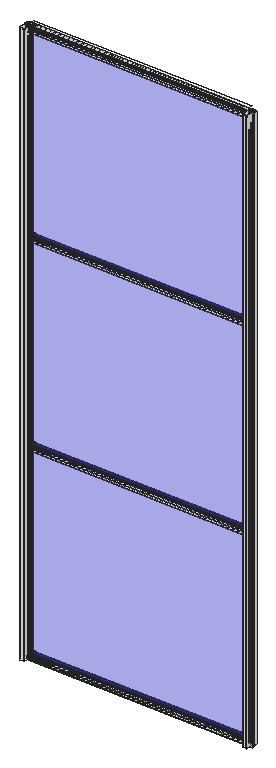
Revit family "Facade_60_Curtain_Wall_E13_Standard", category Windows, host Wall, Revit 2014 (continued)
Definition of nested family "F60 Vertical Profile Side_E13_Std"
  Automatic sketch dimensions
    Extrusion 9 sketch curve to Extrusion 9 sketch curve = 1.646 mm
    Extrusion 9 sketch curve to Extrusion 9 sketch curve = 0.707 mm
    Extrusion 9 sketch curve to Extrusion 9 sketch curve = 1.393 mm
    Extrusion 9 sketch curve to Extrusion 9 sketch curve = 1.923 mm
    Extrusion 9 sketch curve to Extrusion 9 sketch curve = 11.937 mm
    Extrusion 9 sketch curve to Extrusion 9 sketch curve = 1.6 mm
    Extrusion 9 sketch curve to Extrusion 9 sketch curve = 0.9 mm  (x2)
    Extrusion 9 sketch curve to Extrusion 9 sketch curve = 1.356 mm  (x2)
    Extrusion 9 sketch curve to Extrusion 9 sketch curve = 0.714 mm
    Extrusion 9 sketch curve to Extrusion 9 sketch curve = 0.02 mm
    Extrusion 9 sketch curve to Extrusion 9 sketch curve = 0.399 mm
    Extrusion 9 sketch curve to Extrusion 9 sketch curve = 2.224 mm
    Extrusion 9 sketch curve to Extrusion 9 sketch curve = 0.448 mm
    Extrusion 9 sketch curve to plane 1 "Center (Front/Back)" = 0.198 mm
    Extrusion 9 sketch curve to plane 1 "Center (Front/Back)" = 0.201 mm
    Extrusion 9 sketch curve to Extrusion 9 sketch curve = 0.032 mm
    Extrusion 9 sketch curve to Extrusion 9 sketch curve = 0 mm
    plane 3 "Center (Left/Right)" to Extrusion 10 sketch curve = 1.014 mm
    Extrusion 10 sketch curve to Extrusion 10 sketch curve = 0.469 mm  (x2)
    plane 3 "Center (Left/Right)" to Extrusion 10 sketch curve = 1.706 mm
    Extrusion 10 sketch curve to Extrusion 10 sketch curve = 1.079 mm
    Extrusion 10 sketch curve to Extrusion 10 sketch curve = 0.864 mm
    Extrusion 10 sketch curve to Extrusion 10 sketch curve = 1.15 mm  (x4)
    Extrusion 10 sketch curve to Extrusion 10 sketch curve = 3.2 mm  (x2)
    Extrusion 10 sketch curve to Extrusion 10 sketch curve = 3.031 mm  (x2)
    Extrusion 10 sketch curve to Extrusion 10 sketch curve = 0.6 mm  (x3)
    Extrusion 10 sketch curve to Extrusion 10 sketch curve = 15.584 mm  (x2)
    Extrusion 10 sketch curve to Extrusion 10 sketch curve = 0.808 mm  (x2)
    Extrusion 10 sketch curve to Extrusion 10 sketch curve = 3.038 mm
    Extrusion 10 sketch curve to Extrusion 10 sketch curve = 0.865 mm
    Extrusion 10 sketch curve to Extrusion 10 sketch curve = 1.25 mm  (x5)
    Extrusion 10 sketch curve to Extrusion 10 sketch curve = 0.61 mm
    plane 1 "Center (Front/Back)" to Extrusion 10 sketch curve = 31.288 mm
    Extrusion 10 sketch curve to Extrusion 10 sketch curve = 0.362 mm
    plane 1 "Center (Front/Back)" to Extrusion 10 sketch curve = 31.65 mm
    Extrusion 10 sketch curve to Extrusion 10 sketch curve = 0.962 mm
    Extrusion 10 sketch curve to Extrusion 10 sketch curve = 0.85 mm
    Extrusion 10 sketch curve to Extrusion 10 sketch curve = 0.512 mm  (x2)
    Extrusion 10 sketch curve to Extrusion 10 sketch curve = 0.4 mm  (x2)
    Extrusion 10 sketch curve to Extrusion 10 sketch curve = 1 mm
    Extrusion 10 sketch curve to Extrusion 10 sketch curve = 2.8 mm
    Extrusion 10 sketch curve to Extrusion 10 sketch curve = 0 mm  (x2)
    Extrusion 10 sketch curve to Extrusion 10 sketch curve = 1.4 mm
    Extrusion 10 sketch curve to Extrusion 10 sketch curve = 0.539 mm  (x2)
    plane 1 "Center (Front/Back)" to Extrusion 10 sketch curve = 28.864 mm
    Extrusion 11 sketch curve to plane 3 "Center (Left/Right)" = 0 mm
    plane 3 "Center (Left/Right)" to Extrusion 11 sketch curve = 0.65 mm
    Extrusion 11 sketch curve to Extrusion 11 sketch curve = 0.128 mm  (x2)
    plane 3 "Center (Left/Right)" to Extrusion 11 sketch curve = 1.014 mm
    plane 3 "Center (Left/Right)" to Extrusion 11 sketch curve = 1.05 mm
    Extrusion 11 sketch curve to Extrusion 11 sketch curve = 0.469 mm  (x2)
    Extrusion 11 sketch curve to Extrusion 11 sketch curve = 1.079 mm
    Extrusion 11 sketch curve to Extrusion 11 sketch curve = 1.317 mm  (x2)
    Extrusion 11 sketch curve to Extrusion 11 sketch curve = 0 mm  (x3)
    plane 3 "Center (Left/Right)" to Extrusion 11 sketch curve = 3.85 mm
    Extrusion 11 sketch curve to Extrusion 11 sketch curve = 0.15 mm  (x2)
    Extrusion 11 sketch curve to Extrusion 11 sketch curve = 26 mm  (x2)
    Extrusion 11 sketch curve to Extrusion 11 sketch curve = 1.05 mm
    Extrusion 11 sketch curve to Extrusion 11 sketch curve = 0.707 mm
    Extrusion 11 sketch curve to Extrusion 11 sketch curve = 0.433 mm
    plane 1 "Center (Front/Back)" to Extrusion 11 sketch curve = 31.288 mm
    plane 1 "Center (Front/Back)" to Extrusion 11 sketch curve = 28.065 mm
    Extrusion 11 sketch curve to Extrusion 11 sketch curve = 1.314 mm
    Extrusion 11 sketch curve to Extrusion 11 sketch curve = 0.65 mm
    Extrusion 11 sketch curve to Extrusion 11 sketch curve = 0.5 mm  (x2)
    plane 1 "Center (Front/Back)" to Extrusion 11 sketch curve = 32.75 mm
    Extrusion 11 sketch curve to Extrusion 11 sketch curve = 0.1 mm  (x3)
    Extrusion 11 sketch curve to Extrusion 11 sketch curve = 1.1 mm  (x2)
    Extrusion 11 sketch curve to Extrusion 11 sketch curve = 8.608 mm
    Extrusion 11 sketch curve to Extrusion 11 sketch curve = 0.962 mm
    Extrusion 12 sketch curve to plane 3 "Center (Left/Right)" = 21.349 mm
    Extrusion 12 sketch curve to Extrusion 12 sketch curve = 6.35 mm
    plane 3 "Center (Left/Right)" to Extrusion 12 sketch curve = 10.403 mm
    plane 1 "Center (Front/Back)" to Extrusion 12 sketch curve = 35.567 mm
    plane 1 "Center (Front/Back)" to Extrusion 12 sketch curve = 10.171 mm
    plane 1 "Center (Front/Back)" to Extrusion 12 sketch curve = 3.821 mm
    Extrusion 13 sketch curve to plane 3 "Center (Left/Right)" = 21.35 mm
    Extrusion 13 sketch curve to Extrusion 13 sketch curve = 6.35 mm
    plane 3 "Center (Left/Right)" to Extrusion 13 sketch curve = 10.402 mm
    plane 1 "Center (Front/Back)" to Extrusion 13 sketch curve = 33.172 mm
    plane 1 "Center (Front/Back)" to Extrusion 13 sketch curve = 7.775 mm
    plane 1 "Center (Front/Back)" to Extrusion 13 sketch curve = 1.425 mm
    Extrusion 14 sketch curve to plane 3 "Center (Left/Right)" = 0 mm
    plane 3 "Center (Left/Right)" to Extrusion 14 sketch curve = 1.2 mm
    Extrusion 14 sketch curve to Extrusion 14 sketch curve = 9.6 mm
    Extrusion 14 sketch curve to Extrusion 14 sketch curve = 1.2 mm  (x3)
    plane 1 "Center (Front/Back)" to Extrusion 14 sketch curve = 25.775 mm
    plane 1 "Center (Front/Back)" to Extrusion 14 sketch curve = 8.975 mm
    curve 4 to Extrusion 6 = 0 mm
    curve 3 to Extrusion 6 = 0 mm
    curve 1 to Extrusion 6 = 0 mm
    curve 4 to Extrusion 6 = 3.6 mm
    curve 3 to Extrusion 6 = 3.6 mm
    curve 1 to Extrusion 6 = 3.6 mm
    Extrusion 6 to curve 2 = 1 mm
    Extrusion 6 to curve 5 = 1 mm
    Extrusion 6 to curve 6 = 1 mm
    curve 6 to Extrusion 6 = 1 mm
    curve 5 to Extrusion 6 = 1 mm
    curve 2 to Extrusion 6 = 1 mm
    curve 9 to Extrusion 6 = 0 mm
    curve 8 to Extrusion 6 = 0 mm
    curve 7 to Extrusion 6 = 0 mm
    Extrusion 6 to curve 8 = 3.6 mm
    Extrusion 6 to curve 9 = 3.6 mm
    Extrusion 6 to curve 7 = 3.6 mm
    curve 12 to Extrusion 5 = 25.894 mm
    curve 11 to Extrusion 5 = 25.894 mm
    curve 10 to Extrusion 5 = 25.894 mm
    curve 10 to Extrusion 5 = 0.108 mm
    Extrusion 5 to curve 12 = 0.703 mm
    Extrusion 5 to curve 11 = 0.703 mm
    curve 13 to Extrusion 5 = 4 mm
    curve 14 to Extrusion 5 = 4 mm
    curve 15 to Extrusion 5 = 4 mm
    Extrusion 5 to curve 15 = 0.702 mm
    Extrusion 5 to curve 14 = 0.702 mm
    Extrusion 5 to curve 13 = 0.702 mm
    curve 18 to Extrusion 7 = 0 mm
    curve 17 to Extrusion 7 = 0 mm
    curve 16 to Extrusion 7 = 0 mm
    Extrusion 7 to curve 17 = 3.6 mm
    Extrusion 7 to curve 18 = 3.6 mm
    Extrusion 7 to curve 16 = 3.6 mm
    Extrusion 7 to curve 21 = 1 mm  (x2)
    Extrusion 7 to curve 20 = 1 mm  (x2)
    Extrusion 7 to curve 19 = 1 mm  (x2)
    curve 24 to Extrusion 7 = 0 mm
    curve 23 to Extrusion 7 = 0 mm
    curve 22 to Extrusion 7 = 0 mm
    curve 24 to Extrusion 7 = 3.6 mm
    curve 23 to Extrusion 7 = 3.6 mm
    curve 22 to Extrusion 7 = 3.6 mm
    curve 27 to Extrusion 8 = 0 mm
    curve 26 to Extrusion 8 = 0 mm
    curve 25 to Extrusion 8 = 0 mm
    Extrusion 8 to curve 26 = 3.6 mm
    Extrusion 8 to curve 27 = 3.6 mm
    Extrusion 8 to curve 25 = 3.6 mm
    Extrusion 8 to curve 30 = 0.221 mm
    Extrusion 8 to curve 29 = 0.221 mm
    Extrusion 8 to curve 28 = 0.221 mm
    curve 29 to Extrusion 8 = 0.222 mm
    curve 30 to Extrusion 8 = 0.222 mm
    curve 28 to Extrusion 8 = 0.222 mm
    curve 33 to Extrusion 8 = 0 mm
    curve 32 to Extrusion 8 = 0 mm
    curve 31 to Extrusion 8 = 0 mm
    curve 33 to Extrusion 8 = 3.6 mm
    curve 32 to Extrusion 8 = 3.6 mm
    curve 31 to Extrusion 8 = 3.6 mm
    curve 34 to Extrusion 11 = 4.016 mm
    curve 35 to Extrusion 11 = 4.016 mm
    curve 36 to Extrusion 11 = 3.97 mm
    Extrusion 11 to curve 36 = 0.637 mm
    Extrusion 11 to curve 35 = 0.637 mm
    Extrusion 11 to curve 34 = 0.637 mm
    curve 37 to Extrusion 11 = 29.221 mm
    curve 38 to Extrusion 11 = 29.221 mm
    curve 39 to Extrusion 11 = 29.221 mm
    Extrusion 11 to curve 39 = 3.222 mm
    Extrusion 11 to curve 38 = 3.222 mm
    Extrusion 11 to curve 37 = 3.222 mm
Definition of nested family "F60 Horizontal Profile Top_E13_Std"
  Parameters (values of type "F60 Horizontal Profile Top")
    Thermal Break Material [instance] = none
    Single Glazing [instance] = yes
    Profile Material [instance] = none
    Length [instance] = 250 mm
    Double Glazing [instance] = yes
  Reference planes
    plane 1 "Center (Front/Back)": y = 0
    plane 2: z = 0
    plane 3 "Center (Left/Right)": x = 0
  Forms (mm)
    Extrusion 1, solid, material <- "Profile Material"
      sketch origin (0, 0, 0) x (0, 1, 0) y (0, 0, 1)
        loop
          line (-9.94, 7.845) -> (-8.37, 6.275) -> (-1.2, 10.415) -> (-1.2, 1.2) -> (-5, 1.2) -> (-5, 0) -> (-1, 0)
          arc (-1, 0) -> (-0.293, 0.293) -> (0, 1) r 1
          line (0, 1) -> (0, 30) -> (0, 59)
          arc (0, 59) -> (-0.293, 59.707) -> (-1, 60) r 1
          line (-1, 60) -> (-5, 60) -> (-5, 58.8) -> (-1.2, 58.8) -> (-1.2, 49.585) -> (-8.37, 53.725) -> (-9.94, 52.155)
          arc (-9.94, 52.155) -> (-9.902, 51.269) -> (-9.016, 51.232) r 0.655
          line (-9.016, 51.232) -> (-8.077, 52.17) -> (-1.2, 48.2) -> (-1.2, 30) -> (-1.2, 11.8) -> (-8.077, 7.83) -> (-9.016, 8.768)
          arc (-9.016, 8.768) -> (-9.902, 8.731) -> (-9.94, 7.845) r 0.655
      from 0 to 250 <- "Length"
    Extrusion 2, solid, material <- "Profile Material"
      sketch origin (0, 0, 0) x (0, 1, 0) y (0, 0, 1)
        loop
          line (-5, 60) -> (-44.6, 60) -> (-44.6, 58.35) -> (-39.944, 58.35) -> (-39.944, 1.65) -> (-44.6, 1.65) -> (-44.6, 0) -> (-5, 0) -> (-5, 2.2) -> (-4.2, 2.2) -> (-4.2, 3.018)
          arc (-4.2, 3.018) -> (-4.352, 3.783) -> (-4.786, 4.432) r 2
          line (-4.786, 4.432) -> (-7.054, 6.7) -> (-8, 6.489) -> (-8, 5.7) -> (-7.205, 5.7) -> (-7.205, 2.95) -> (-8, 2.95) -> (-8, 1.95) -> (-12.752, 1.95) -> (-12.752, 6.7) -> (-14.152, 6.7) -> (-14.152, 1.65) -> (-38.65, 1.65) -> (-38.65, 8.33) -> (-37.097, 8.33) -> (-34.666, 6.973)
          arc (-34.666, 6.973) -> (-33.846, 7.192) -> (-34.066, 8.012) r 0.6
          line (-34.066, 8.012) -> (-37.128, 9.78) -> (-38.65, 9.78) -> (-38.65, 12.65) -> (-37.6, 13.7) -> (-37.6, 20.3) -> (-38.65, 21.35) -> (-38.65, 38.65) -> (-37.6, 39.7) -> (-37.6, 46.3) -> (-38.65, 47.35) -> (-38.65, 50.22) -> (-37.128, 50.22) -> (-34.066, 51.988)
          arc (-34.066, 51.988) -> (-33.846, 52.808) -> (-34.666, 53.027) r 0.6
          line (-34.666, 53.027) -> (-37.032, 51.661) -> (-38.65, 51.661) -> (-38.65, 58.35) -> (-14.152, 58.35) -> (-14.152, 53.3) -> (-12.752, 53.3) -> (-12.752, 58.05) -> (-8, 58.05) -> (-8, 57.05) -> (-7.205, 57.05) -> (-7.205, 54.3) -> (-8, 54.3) -> (-8, 53.511) -> (-7.054, 53.3) -> (-4.786, 55.568)
          arc (-4.786, 55.568) -> (-4.352, 56.217) -> (-4.2, 56.982) r 2
          line (-4.2, 56.982) -> (-4.2, 57.8) -> (-5, 57.8) -> (-5, 60)
      from 0 to 250 <- "Length"
    Extrusion 3, solid, material <- "Thermal Break Material"
      sketch origin (0, 0, 0) x (0, 1, 0) y (0, 0, 1)
        loop
          line (-40, 1.75) -> (-40, 30) -> (-40, 58.25) -> (-44.6, 58.25) -> (-44.6, 60) -> (-45.9, 60) -> (-45.9, 53.65) -> (-41.788, 53.65)
          arc (-41.788, 53.65) -> (-41.363, 53.474) -> (-41.187, 53.05) r 0.6
          line (-41.187, 53.05) -> (-41.187, 30) -> (-41.187, 6.95)
          arc (-41.187, 6.95) -> (-41.363, 6.526) -> (-41.788, 6.35) r 0.6
          line (-41.788, 6.35) -> (-45.9, 6.35) -> (-45.9, 0) -> (-44.6, 0) -> (-44.6, 1.75) -> (-40, 1.75)
      from 0 to 250 <- "Length"
    Extrusion 4, solid, material <- "Profile Material"
      sketch origin (0, 0, 0) x (0, 1, 0) y (0, 0, 1)
        loop
          line (-58.5, 25.249) -> (-43.6, 25.249)
          arc (-43.6, 25.249) -> (-43.034, 25.015) -> (-42.8, 24.449) r 0.8
          line (-42.8, 24.449) -> (-42.8, 7.9) -> (-44.4, 7.9) -> (-44.4, 9.45) -> (-45.25, 9.45)
          arc (-45.25, 9.45) -> (-45.674, 9.274) -> (-45.85, 8.85) r 0.6
          line (-45.85, 8.85) -> (-45.85, 7.9) -> (-48.8, 7.9)
          arc (-48.8, 7.9) -> (-49.3, 8.4) -> (-49.8, 7.9) r 0.5
          line (-49.8, 7.9) -> (-49.8, 5.55) -> (-48.65, 5.55) -> (-48.65, 6.7) -> (-47.35, 6.7) -> (-47.35, 1.2) -> (-48.65, 1.2) -> (-48.65, 2.35) -> (-49.8, 2.35) -> (-49.8, 0.5)
          arc (-49.8, 0.5) -> (-49.654, 0.146) -> (-49.3, 0) r 0.5
          line (-49.3, 0) -> (-45.9, 0) -> (-45.9, 6.45) -> (-42.2, 6.45)
          arc (-42.2, 6.45) -> (-41.634, 6.684) -> (-41.4, 7.25) r 0.8
          line (-41.4, 7.25) -> (-41.4, 30) -> (-41.4, 52.75)
          arc (-41.4, 52.75) -> (-41.634, 53.316) -> (-42.2, 53.55) r 0.8
          line (-42.2, 53.55) -> (-45.9, 53.55) -> (-45.9, 60) -> (-49.3, 60)
          arc (-49.3, 60) -> (-49.654, 59.854) -> (-49.8, 59.5) r 0.5
          line (-49.8, 59.5) -> (-49.8, 57.65) -> (-48.65, 57.65) -> (-48.65, 58.8) -> (-47.35, 58.8) -> (-47.35, 53.3) -> (-48.65, 53.3) -> (-48.65, 54.45) -> (-49.8, 54.45) -> (-49.8, 52.1)
          arc (-49.8, 52.1) -> (-49.3, 51.6) -> (-48.8, 52.1) r 0.5
          line (-48.8, 52.1) -> (-45.85, 52.1) -> (-45.85, 51.15)
          arc (-45.85, 51.15) -> (-45.674, 50.726) -> (-45.25, 50.55) r 0.6
          line (-45.25, 50.55) -> (-44.4, 50.55) -> (-44.4, 52.1) -> (-42.8, 52.1) -> (-42.8, 35.551)
          arc (-42.8, 35.551) -> (-43.034, 34.985) -> (-43.6, 34.751) r 0.8
          line (-43.6, 34.751) -> (-58.5, 34.751)
          arc (-58.5, 34.751) -> (-59.066, 34.516) -> (-59.3, 33.951) r 0.8
          line (-59.3, 33.951) -> (-59.3, 32.902) -> (-42.8, 32.902) -> (-42.8, 27.1) -> (-59.3, 27.1) -> (-59.3, 26.049)
          arc (-59.3, 26.049) -> (-59.066, 25.484) -> (-58.5, 25.249) r 0.8
      from 0 to 250 <- "Length"
    Extrusion 5, solid, material <- "Thermal Break Material", visible <- "Single Glazing"
      sketch origin (0, 0, 0) x (0, 1, 0) y (0, 0, 1)
        loop
          arc (-63.8, 25.751) -> (-63.654, 25.397) -> (-63.3, 25.251) r 0.5
          line (-63.3, 25.251) -> (-59.8, 25.251)
          arc (-59.8, 25.251) -> (-59.446, 25.397) -> (-59.3, 25.751) r 0.5
          line (-59.3, 25.751) -> (-59.3, 27.648) -> (-49.599, 27.648) -> (-47.528, 28.651)
          arc (-47.528, 28.651) -> (-46.803, 30.001) -> (-47.528, 31.351) r 1.62
          line (-47.528, 31.351) -> (-49.599, 32.353) -> (-59.3, 32.353) -> (-59.3, 34.251)
          arc (-59.3, 34.251) -> (-59.446, 34.604) -> (-59.8, 34.751) r 0.5
          line (-59.8, 34.751) -> (-63.3, 34.751)
          arc (-63.3, 34.751) -> (-63.654, 34.604) -> (-63.8, 34.251) r 0.5
          line (-63.8, 34.251) -> (-63.8, 32.328) -> (-62.4, 31.52) -> (-62.4, 28.483) -> (-63.8, 27.673) -> (-63.8, 25.751)
        loop
          line (-59.794, 28.506) -> (-59.006, 29.294)
          arc (-59.006, 29.294) -> (-58.788, 29.618) -> (-58.713, 30.001) r 0.986
          arc (-58.713, 30.001) -> (-58.79, 30.384) -> (-59.008, 30.71) r 1.007
          line (-59.008, 30.71) -> (-59.794, 31.496) -> (-60.65, 31.496)
          arc (-60.65, 31.496) -> (-61.004, 31.349) -> (-61.15, 30.996) r 0.5
          line (-61.15, 30.996) -> (-61.15, 29.006)
          arc (-61.15, 29.006) -> (-61.004, 28.652) -> (-60.65, 28.506) r 0.5
          line (-60.65, 28.506) -> (-59.794, 28.506)
        loop
          line (-47.854, 30.898) -> (-49.415, 31.653) -> (-56.782, 31.653)
          arc (-56.782, 31.653) -> (-57.207, 31.417) -> (-57.23, 30.932) r 0.5
          arc (-57.23, 30.932) -> (-57.013, 30.001) -> (-57.23, 29.07) r 2.099
          arc (-57.23, 29.07) -> (-57.207, 28.584) -> (-56.782, 28.348) r 0.5
          line (-56.782, 28.348) -> (-49.415, 28.348) -> (-48.055, 29.007)
          arc (-48.055, 29.007) -> (-47.35, 29.888) -> (-47.854, 30.898) r 1.047
      from 0 to 250 <- "Length"
    Extrusion 6, solid, material <- "Profile Material", visible <- "Single Glazing"
      sketch origin (0, 0, 0) x (0, 1, 0) y (0, 0, 1)
        loop
          line (-63.8, 52.694) -> (-64.8, 52.694) -> (-64.8, 51.544) -> (-66.05, 51.544) -> (-66.05, 57.044) -> (-64.8, 57.044) -> (-64.8, 55.894) -> (-63.8, 55.894) -> (-63.8, 58.294)
          arc (-63.8, 58.294) -> (-64.082, 58.803) -> (-64.664, 58.835) r 0.6
          line (-64.664, 58.835) -> (-66.562, 57.91) -> (-67.088, 58.988) -> (-68.05, 58.519) -> (-68.05, 48.513)
          arc (-68.05, 48.513) -> (-67.874, 48.089) -> (-67.45, 47.913) r 0.6
          line (-67.45, 47.913) -> (-66.6, 47.913) -> (-66.6, 12.09) -> (-67.45, 12.09)
          arc (-67.45, 12.09) -> (-67.874, 11.914) -> (-68.05, 11.49) r 0.6
          line (-68.05, 11.49) -> (-68.05, 1.485) -> (-67.088, 1.016) -> (-66.562, 2.095) -> (-64.663, 1.169)
          arc (-64.663, 1.169) -> (-64.082, 1.2) -> (-63.8, 1.709) r 0.6
          line (-63.8, 1.709) -> (-63.8, 4.109) -> (-64.8, 4.109) -> (-64.8, 2.959) -> (-66.05, 2.959) -> (-66.05, 8.459) -> (-64.8, 8.459) -> (-64.8, 7.309) -> (-63.8, 7.309) -> (-63.8, 27.674) -> (-62.4, 28.483) -> (-62.4, 31.521) -> (-63.8, 32.329) -> (-63.8, 52.694)
      from 0 to 250 <- "Length"
    Extrusion 7, solid, material <- "Profile Material", visible <- "Single Glazing"
      sketch origin (0, 0, 0) x (0, 1, 0) y (0, 0, 1)
        loop
          line (-68.551, 3.3) -> (-76.559, 3.3) -> (-76.559, 30) -> (-76.559, 56.15)
          arc (-76.559, 56.15) -> (-75.739, 58.13) -> (-73.759, 58.95) r 2.8
          line (-73.759, 58.95) -> (-69.151, 58.95) -> (-69.151, 57.2)
          arc (-69.151, 57.2) -> (-68.987, 56.829) -> (-68.601, 56.703) r 0.5
          arc (-68.601, 56.703) -> (-68.216, 56.829) -> (-68.051, 57.2) r 0.5
          line (-68.051, 57.2) -> (-68.051, 58.517) -> (-67.089, 58.986) -> (-66.563, 57.907) -> (-63.866, 59.222)
          arc (-63.866, 59.222) -> (-64.001, 59.762) -> (-64.504, 60) r 0.65
          line (-64.504, 60) -> (-73.859, 60)
          arc (-73.859, 60) -> (-76.687, 58.828) -> (-77.859, 56) r 4
          line (-77.859, 56) -> (-77.859, 30) -> (-77.859, 2.493)
          arc (-77.859, 2.493) -> (-77.197, 0.799) -> (-75.562, 0.002) r 2.5
          arc (-75.562, 0.002) -> (-75.182, 0.132) -> (-75.021, 0.5) r 0.5
          line (-75.021, 0.5) -> (-75.021, 2) -> (-69.151, 2) -> (-69.151, 0.5)
          arc (-69.151, 0.5) -> (-69.005, 0.146) -> (-68.651, 0) r 0.5
          line (-68.651, 0) -> (-64.504, 0)
          arc (-64.504, 0) -> (-64.001, 0.238) -> (-63.866, 0.778) r 0.65
          line (-63.866, 0.778) -> (-66.563, 2.093) -> (-67.089, 1.014) -> (-68.051, 1.483) -> (-68.051, 2.8)
          arc (-68.051, 2.8) -> (-68.198, 3.154) -> (-68.551, 3.3) r 0.5
      from 0 to 250 <- "Length"
    Extrusion 8, solid, material <- "Thermal Break Material", visible <- "Double Glazing"
      sketch origin (0, 0, 0) x (0, 1, 0) y (0, 0, 1)
        loop
          line (-77.8, 27.673) -> (-77.8, 25.751)
          arc (-77.8, 25.751) -> (-77.654, 25.397) -> (-77.3, 25.251) r 0.5
          line (-77.3, 25.251) -> (-59.8, 25.251)
          arc (-59.8, 25.251) -> (-59.446, 25.397) -> (-59.3, 25.751) r 0.5
          line (-59.3, 25.751) -> (-59.3, 27.647) -> (-49.599, 27.647) -> (-47.528, 28.649)
          arc (-47.528, 28.649) -> (-46.803, 29.999) -> (-47.528, 31.349) r 1.62
          line (-47.528, 31.349) -> (-49.602, 32.353) -> (-59.3, 32.353) -> (-59.3, 34.251)
          arc (-59.3, 34.251) -> (-59.446, 34.604) -> (-59.8, 34.751) r 0.5
          line (-59.8, 34.751) -> (-77.3, 34.751)
          arc (-77.3, 34.751) -> (-77.654, 34.604) -> (-77.8, 34.251) r 0.5
          line (-77.8, 34.251) -> (-77.8, 32.327) -> (-76.4, 31.52) -> (-76.4, 28.482) -> (-77.8, 27.673)
        loop
          line (-59.006, 30.708) -> (-61.156, 32.858)
          arc (-61.156, 32.858) -> (-61.48, 33.074) -> (-61.863, 33.151) r 1
          line (-61.863, 33.151) -> (-73.8, 33.151)
          arc (-73.8, 33.151) -> (-74.507, 32.858) -> (-74.8, 32.151) r 1
          line (-74.8, 32.151) -> (-74.8, 27.851)
          arc (-74.8, 27.851) -> (-74.507, 27.144) -> (-73.8, 26.851) r 1
          line (-73.8, 26.851) -> (-61.863, 26.851)
          arc (-61.863, 26.851) -> (-61.48, 26.927) -> (-61.156, 27.144) r 1
          line (-61.156, 27.144) -> (-59.006, 29.294)
          arc (-59.006, 29.294) -> (-58.788, 29.618) -> (-58.713, 30.001) r 0.986
          arc (-58.713, 30.001) -> (-58.79, 30.383) -> (-59.006, 30.708) r 1.007
        loop
          line (-56.782, 28.347) -> (-49.415, 28.347) -> (-48.055, 29.005)
          arc (-48.055, 29.005) -> (-47.35, 29.887) -> (-47.854, 30.896) r 1.047
          line (-47.854, 30.896) -> (-49.415, 31.652) -> (-56.782, 31.652)
          arc (-56.782, 31.652) -> (-57.207, 31.416) -> (-57.23, 30.93) r 0.5
          arc (-57.23, 30.93) -> (-57.013, 29.999) -> (-57.23, 29.068) r 2.099
          arc (-57.23, 29.068) -> (-57.207, 28.583) -> (-56.782, 28.347) r 0.5
      from 0 to 250 <- "Length"
    Extrusion 9, solid, material <- "Profile Material", visible <- "Double Glazing"
      sketch origin (0, 0, 0) x (0, 1, 0) y (0, 0, 1)
        loop
          line (-77.8, 52.694) -> (-78.8, 52.694) -> (-78.8, 51.544) -> (-80.05, 51.544) -> (-80.05, 57.044) -> (-78.8, 57.044) -> (-78.8, 55.894) -> (-77.8, 55.894) -> (-77.8, 58.294)
          arc (-77.8, 58.294) -> (-78.082, 58.802) -> (-78.664, 58.834) r 0.6
          line (-78.664, 58.834) -> (-80.562, 57.909) -> (-81.088, 58.988) -> (-82.05, 58.518) -> (-82.05, 48.512)
          arc (-82.05, 48.512) -> (-81.874, 48.088) -> (-81.45, 47.912) r 0.6
          line (-81.45, 47.912) -> (-80.6, 47.912) -> (-80.6, 12.089) -> (-81.45, 12.089)
          arc (-81.45, 12.089) -> (-81.874, 11.913) -> (-82.05, 11.489) r 0.6
          line (-82.05, 11.489) -> (-82.05, 1.484) -> (-81.088, 1.015) -> (-80.562, 2.094) -> (-78.663, 1.169)
          arc (-78.663, 1.169) -> (-78.082, 1.199) -> (-77.8, 1.708) r 0.6
          line (-77.8, 1.708) -> (-77.8, 4.108) -> (-78.8, 4.108) -> (-78.8, 2.958) -> (-80.05, 2.958) -> (-80.05, 8.458) -> (-78.8, 8.458) -> (-78.8, 7.308) -> (-77.8, 7.308) -> (-77.8, 27.673) -> (-76.4, 28.482) -> (-76.4, 31.52) -> (-77.8, 32.328) -> (-77.8, 52.694)
      from 0 to 250 <- "Length"
    Extrusion 10, solid, material <- "Profile Material", visible <- "Double Glazing"
      sketch origin (0, 0, 0) x (0, 1, 0) y (0, 0, 1)
        loop
          line (-82.551, 3.3) -> (-90.558, 3.3) -> (-90.558, 30) -> (-90.558, 56.15)
          arc (-90.558, 56.15) -> (-89.738, 58.13) -> (-87.758, 58.95) r 2.8
          line (-87.758, 58.95) -> (-83.151, 58.95) -> (-83.151, 57.2)
          arc (-83.151, 57.2) -> (-82.986, 56.829) -> (-82.601, 56.703) r 0.5
          arc (-82.601, 56.703) -> (-82.215, 56.829) -> (-82.051, 57.2) r 0.5
          line (-82.051, 57.2) -> (-82.051, 58.517) -> (-81.088, 58.986) -> (-80.563, 57.907) -> (-77.866, 59.222)
          arc (-77.866, 59.222) -> (-78, 59.762) -> (-78.503, 60) r 0.65
          line (-78.503, 60) -> (-87.858, 60)
          arc (-87.858, 60) -> (-90.687, 58.828) -> (-91.858, 56) r 4
          line (-91.858, 56) -> (-91.858, 30) -> (-91.858, 2.493)
          arc (-91.858, 2.493) -> (-91.196, 0.799) -> (-89.561, 0.002) r 2.5
          arc (-89.561, 0.002) -> (-89.182, 0.132) -> (-89.021, 0.5) r 0.5
          line (-89.021, 0.5) -> (-89.021, 2) -> (-83.151, 2) -> (-83.151, 0.5)
          arc (-83.151, 0.5) -> (-83.004, 0.146) -> (-82.651, 0) r 0.5
          line (-82.651, 0) -> (-78.503, 0)
          arc (-78.503, 0) -> (-78, 0.238) -> (-77.866, 0.778) r 0.65
          line (-77.866, 0.778) -> (-80.563, 2.093) -> (-81.088, 1.014) -> (-82.051, 1.483) -> (-82.051, 2.8)
          arc (-82.051, 2.8) -> (-82.197, 3.154) -> (-82.551, 3.3) r 0.5
      from 0 to 250 <- "Length"
    Extrusion 11, solid, material <- "Profile Material", visible <- "Double Glazing"
      sketch origin (0, 0, 0) x (0, 1, 0) y (0, 0, 1)
        loop
          line (-57.8, 45.73) -> (-51.8, 45.73) -> (-51.8, 95.73) -> (-101.8, 95.73) -> (-101.8, 89.73) -> (-57.8, 89.73) -> (-57.8, 45.73)
      from 0 to 250 <- "Length"
    Extrusion 12, solid, material <- "Profile Material", visible <- "Double Glazing"
      sketch origin (0, 0, 0) x (0, 1, 0) y (0, 0, 1)
        loop
          line (-75.8, 48) -> (-57.8, 48) -> (-57.8, 60) -> (-75.8, 60) -> (-75.8, 48)
        loop
          line (-74.6, 49.2) -> (-59, 49.2) -> (-59, 58.8) -> (-74.6, 58.8) -> (-74.6, 49.2)
      from 0 to 250 <- "Length"
    Extrusion 13, solid, material <- "Profile Material", visible <- "Single Glazing"
      sketch origin (0, 0, 0) x (0, 1, 0) y (0, 0, 1)
        loop
          line (-59.8, 45.865) -> (-53.8, 45.865) -> (-53.8, 95.865) -> (-103.8, 95.865) -> (-103.8, 89.865) -> (-59.8, 89.865) -> (-59.8, 45.865)
      from 0 to 250 <- "Length"
  Dimensions and locks
    aligned and locked: level to plane 2
Definition of nested family "F60 Sill_E13_Std"
  Parameters (values of type "F60 Sill")
    Profile Material [instance] = none
    Length Sill [instance] = 250 mm
  Reference planes
    plane 1 "Center (Front/Back)": y = 0
    plane 2: z = 0
    plane 3 "Center (Left/Right)": x = 0
  Forms (mm)
    Extrusion 1, solid, material <- "Profile Material"
      sketch origin (0, 0, 0) x (0, 1, 0) y (0, 0, 1)
        loop
          line (-42.734, 5.324) -> (-48.256, 4.643)
          arc (-48.256, 4.643) -> (-49.196, 4.147) -> (-49.572, 3.154) r 1.5
          line (-49.572, 3.154) -> (-49.572, 1.88) -> (-47.772, 1.88) -> (-47.772, 3.191) -> (-19.233, 6.714)
          arc (-19.233, 6.714) -> (-17.924, 7.083) -> (-16.785, 7.826) r 4.5
          line (-16.785, 7.826) -> (-16.785, 1.88) -> (-15.285, 1.88) -> (-15.285, 24.58)
          arc (-15.285, 24.58) -> (-15.109, 25.004) -> (-14.685, 25.18) r 0.6
          line (-14.685, 25.18) -> (-4.072, 25.18) -> (-4.072, 1.88) -> (-2.572, 1.88) -> (-2.572, 29.88) -> (-4.072, 29.88) -> (-4.072, 28.88) -> (-5.222, 28.88) -> (-5.222, 27.68) -> (-4.072, 27.68) -> (-4.072, 26.38) -> (-9.572, 26.38) -> (-9.572, 27.68) -> (-8.422, 27.68) -> (-8.422, 28.88) -> (-10.172, 28.88)
          arc (-10.172, 28.88) -> (-10.597, 28.704) -> (-10.772, 28.28) r 0.6
          line (-10.772, 28.28) -> (-10.772, 26.38) -> (-15.285, 26.38)
          arc (-15.285, 26.38) -> (-16.345, 25.941) -> (-16.785, 24.88) r 1.5
          line (-16.785, 24.88) -> (-16.785, 11.18)
          arc (-16.785, 11.18) -> (-17.537, 9.193) -> (-19.417, 8.203) r 3
          line (-19.417, 8.203) -> (-39.35, 5.742)
          arc (-39.35, 5.742) -> (-40.527, 6.107) -> (-41.034, 7.231) r 1.5
          line (-41.034, 7.231) -> (-41.034, 19.996)
          arc (-41.034, 19.996) -> (-40.883, 20.394) -> (-40.507, 20.592) r 0.6
          line (-40.507, 20.592) -> (-32.917, 21.529)
          arc (-32.917, 21.529) -> (-31.977, 22.024) -> (-31.601, 23.017) r 1.5
          line (-31.601, 23.017) -> (-31.601, 28.88) -> (-33.101, 28.88) -> (-33.101, 23.548)
          arc (-33.101, 23.548) -> (-33.251, 23.15) -> (-33.627, 22.952) r 0.6
          line (-33.627, 22.952) -> (-45.787, 21.451)
          arc (-45.787, 21.451) -> (-46.727, 20.956) -> (-47.104, 19.962) r 1.5
          line (-47.104, 19.962) -> (-47.104, 19.054)
          arc (-47.104, 19.054) -> (-46.957, 18.7) -> (-46.604, 18.554) r 0.5
          line (-46.604, 18.554) -> (-45.604, 18.554) -> (-45.604, 19.962) -> (-42.734, 20.317) -> (-42.734, 5.324)
      from 0 to 250 <- "Length Sill"
  Dimensions and locks
    aligned and locked: level to plane 2
Definition of nested family "F60 Horizontal Profile Bottom_E13_Std"
  Parameters (values of type "F60 Horizontal Profile Bottom")
    Thermal Break Material [instance] = none
    Single Glazing [instance] = yes
    Profile Material [instance] = none
    Length [instance] = 250 mm
    Double Glazing [instance] = yes
  Reference planes
    plane 1 "Center (Front/Back)": y = 0
    plane 2: z = 0
    plane 3 "Center (Left/Right)": x = 0
  Forms (mm)
    Extrusion 1, solid, material <- "Profile Material"
      sketch origin (0, 0, 0) x (0, 1, 0) y (0, 0, 1)
        loop
          line (-9.94, 7.845) -> (-8.37, 6.275) -> (-1.2, 10.415) -> (-1.2, 1.2) -> (-5, 1.2) -> (-5, 0) -> (-1, 0)
          arc (-1, 0) -> (-0.293, 0.293) -> (0, 1) r 1
          line (0, 1) -> (0, 30) -> (0, 59)
          arc (0, 59) -> (-0.293, 59.707) -> (-1, 60) r 1
          line (-1, 60) -> (-5, 60) -> (-5, 58.8) -> (-1.2, 58.8) -> (-1.2, 49.585) -> (-8.37, 53.725) -> (-9.94, 52.155)
          arc (-9.94, 52.155) -> (-9.902, 51.269) -> (-9.016, 51.232) r 0.655
          line (-9.016, 51.232) -> (-8.077, 52.17) -> (-1.2, 48.2) -> (-1.2, 30) -> (-1.2, 11.8) -> (-8.077, 7.83) -> (-9.016, 8.768)
          arc (-9.016, 8.768) -> (-9.902, 8.731) -> (-9.94, 7.845) r 0.655
      from 0 to 250 <- "Length"
    Extrusion 2, solid, material <- "Profile Material"
      sketch origin (0, 0, 0) x (0, 1, 0) y (0, 0, 1)
        loop
          line (-5, 60) -> (-44.6, 60) -> (-44.6, 58.35) -> (-39.944, 58.35) -> (-39.944, 1.65) -> (-44.6, 1.65) -> (-44.6, 0) -> (-5, 0) -> (-5, 2.2) -> (-4.2, 2.2) -> (-4.2, 3.018)
          arc (-4.2, 3.018) -> (-4.352, 3.783) -> (-4.786, 4.432) r 2
          line (-4.786, 4.432) -> (-7.054, 6.7) -> (-8, 6.489) -> (-8, 5.7) -> (-7.205, 5.7) -> (-7.205, 2.95) -> (-8, 2.95) -> (-8, 1.95) -> (-12.752, 1.95) -> (-12.752, 6.7) -> (-14.152, 6.7) -> (-14.152, 1.65) -> (-38.65, 1.65) -> (-38.65, 8.33) -> (-37.097, 8.33) -> (-34.666, 6.973)
          arc (-34.666, 6.973) -> (-33.846, 7.192) -> (-34.066, 8.012) r 0.6
          line (-34.066, 8.012) -> (-37.128, 9.78) -> (-38.65, 9.78) -> (-38.65, 12.65) -> (-37.6, 13.7) -> (-37.6, 20.3) -> (-38.65, 21.35) -> (-38.65, 38.65) -> (-37.6, 39.7) -> (-37.6, 46.3) -> (-38.65, 47.35) -> (-38.65, 50.22) -> (-37.128, 50.22) -> (-34.066, 51.988)
          arc (-34.066, 51.988) -> (-33.846, 52.808) -> (-34.666, 53.027) r 0.6
          line (-34.666, 53.027) -> (-37.032, 51.661) -> (-38.65, 51.661) -> (-38.65, 58.35) -> (-14.152, 58.35) -> (-14.152, 53.3) -> (-12.752, 53.3) -> (-12.752, 58.05) -> (-8, 58.05) -> (-8, 57.05) -> (-7.205, 57.05) -> (-7.205, 54.3) -> (-8, 54.3) -> (-8, 53.511) -> (-7.054, 53.3) -> (-4.786, 55.568)
          arc (-4.786, 55.568) -> (-4.352, 56.217) -> (-4.2, 56.982) r 2
          line (-4.2, 56.982) -> (-4.2, 57.8) -> (-5, 57.8) -> (-5, 60)
      from 0 to 250 <- "Length"
    Extrusion 3, solid, material <- "Thermal Break Material"
      sketch origin (0, 0, 0) x (0, 1, 0) y (0, 0, 1)
        loop
          line (-40, 1.75) -> (-40, 30) -> (-40, 58.25) -> (-44.6, 58.25) -> (-44.6, 60) -> (-45.9, 60) -> (-45.9, 53.65) -> (-41.788, 53.65)
          arc (-41.788, 53.65) -> (-41.363, 53.474) -> (-41.187, 53.05) r 0.6
          line (-41.187, 53.05) -> (-41.187, 30) -> (-41.187, 6.95)
          arc (-41.187, 6.95) -> (-41.363, 6.526) -> (-41.788, 6.35) r 0.6
          line (-41.788, 6.35) -> (-45.9, 6.35) -> (-45.9, 0) -> (-44.6, 0) -> (-44.6, 1.75) -> (-40, 1.75)
      from 0 to 250 <- "Length"
    Extrusion 4, solid, material <- "Profile Material"
      sketch origin (0, 0, 0) x (0, 1, 0) y (0, 0, 1)
        loop
          line (-58.5, 25.249) -> (-43.6, 25.249)
          arc (-43.6, 25.249) -> (-43.034, 25.015) -> (-42.8, 24.449) r 0.8
          line (-42.8, 24.449) -> (-42.8, 7.9) -> (-44.4, 7.9) -> (-44.4, 9.45) -> (-45.25, 9.45)
          arc (-45.25, 9.45) -> (-45.674, 9.274) -> (-45.85, 8.85) r 0.6
          line (-45.85, 8.85) -> (-45.85, 7.9) -> (-48.8, 7.9)
          arc (-48.8, 7.9) -> (-49.3, 8.4) -> (-49.8, 7.9) r 0.5
          line (-49.8, 7.9) -> (-49.8, 5.55) -> (-48.65, 5.55) -> (-48.65, 6.7) -> (-47.35, 6.7) -> (-47.35, 1.2) -> (-48.65, 1.2) -> (-48.65, 2.35) -> (-49.8, 2.35) -> (-49.8, 0.5)
          arc (-49.8, 0.5) -> (-49.654, 0.146) -> (-49.3, 0) r 0.5
          line (-49.3, 0) -> (-45.9, 0) -> (-45.9, 6.45) -> (-42.2, 6.45)
          arc (-42.2, 6.45) -> (-41.634, 6.684) -> (-41.4, 7.25) r 0.8
          line (-41.4, 7.25) -> (-41.4, 30) -> (-41.4, 52.75)
          arc (-41.4, 52.75) -> (-41.634, 53.316) -> (-42.2, 53.55) r 0.8
          line (-42.2, 53.55) -> (-45.9, 53.55) -> (-45.9, 60) -> (-49.3, 60)
          arc (-49.3, 60) -> (-49.654, 59.854) -> (-49.8, 59.5) r 0.5
          line (-49.8, 59.5) -> (-49.8, 57.65) -> (-48.65, 57.65) -> (-48.65, 58.8) -> (-47.35, 58.8) -> (-47.35, 53.3) -> (-48.65, 53.3) -> (-48.65, 54.45) -> (-49.8, 54.45) -> (-49.8, 52.1)
          arc (-49.8, 52.1) -> (-49.3, 51.6) -> (-48.8, 52.1) r 0.5
          line (-48.8, 52.1) -> (-45.85, 52.1) -> (-45.85, 51.15)
          arc (-45.85, 51.15) -> (-45.674, 50.726) -> (-45.25, 50.55) r 0.6
          line (-45.25, 50.55) -> (-44.4, 50.55) -> (-44.4, 52.1) -> (-42.8, 52.1) -> (-42.8, 35.551)
          arc (-42.8, 35.551) -> (-43.034, 34.985) -> (-43.6, 34.751) r 0.8
          line (-43.6, 34.751) -> (-58.5, 34.751)
          arc (-58.5, 34.751) -> (-59.066, 34.516) -> (-59.3, 33.951) r 0.8
          line (-59.3, 33.951) -> (-59.3, 32.902) -> (-42.8, 32.902) -> (-42.8, 27.1) -> (-59.3, 27.1) -> (-59.3, 26.049)
          arc (-59.3, 26.049) -> (-59.066, 25.484) -> (-58.5, 25.249) r 0.8
      from 0 to 250 <- "Length"
    Extrusion 5, solid, material <- "Thermal Break Material", visible <- "Single Glazing"
      sketch origin (0, 0, 0) x (0, 1, 0) y (0, 0, 1)
        loop
          arc (-63.8, 25.751) -> (-63.654, 25.397) -> (-63.3, 25.251) r 0.5
          line (-63.3, 25.251) -> (-59.8, 25.251)
          arc (-59.8, 25.251) -> (-59.446, 25.397) -> (-59.3, 25.751) r 0.5
          line (-59.3, 25.751) -> (-59.3, 27.648) -> (-49.599, 27.648) -> (-47.528, 28.651)
          arc (-47.528, 28.651) -> (-46.803, 30.001) -> (-47.528, 31.351) r 1.62
          line (-47.528, 31.351) -> (-49.599, 32.353) -> (-59.3, 32.353) -> (-59.3, 34.251)
          arc (-59.3, 34.251) -> (-59.446, 34.604) -> (-59.8, 34.751) r 0.5
          line (-59.8, 34.751) -> (-63.3, 34.751)
          arc (-63.3, 34.751) -> (-63.654, 34.604) -> (-63.8, 34.251) r 0.5
          line (-63.8, 34.251) -> (-63.8, 32.328) -> (-62.4, 31.52) -> (-62.4, 28.483) -> (-63.8, 27.673) -> (-63.8, 25.751)
        loop
          line (-59.794, 28.506) -> (-59.006, 29.294)
          arc (-59.006, 29.294) -> (-58.788, 29.618) -> (-58.713, 30.001) r 0.986
          arc (-58.713, 30.001) -> (-58.79, 30.384) -> (-59.008, 30.71) r 1.007
          line (-59.008, 30.71) -> (-59.794, 31.496) -> (-60.65, 31.496)
          arc (-60.65, 31.496) -> (-61.004, 31.349) -> (-61.15, 30.996) r 0.5
          line (-61.15, 30.996) -> (-61.15, 29.006)
          arc (-61.15, 29.006) -> (-61.004, 28.652) -> (-60.65, 28.506) r 0.5
          line (-60.65, 28.506) -> (-59.794, 28.506)
        loop
          line (-47.854, 30.898) -> (-49.415, 31.653) -> (-56.782, 31.653)
          arc (-56.782, 31.653) -> (-57.207, 31.417) -> (-57.23, 30.932) r 0.5
          arc (-57.23, 30.932) -> (-57.013, 30.001) -> (-57.23, 29.07) r 2.099
          arc (-57.23, 29.07) -> (-57.207, 28.584) -> (-56.782, 28.348) r 0.5
          line (-56.782, 28.348) -> (-49.415, 28.348) -> (-48.055, 29.007)
          arc (-48.055, 29.007) -> (-47.35, 29.888) -> (-47.854, 30.898) r 1.047
      from 0 to 250 <- "Length"
    Extrusion 6, solid, material <- "Profile Material", visible <- "Single Glazing"
      sketch origin (0, 0, 0) x (0, 1, 0) y (0, 0, 1)
        loop
          line (-63.8, 52.694) -> (-64.8, 52.694) -> (-64.8, 51.544) -> (-66.05, 51.544) -> (-66.05, 57.044) -> (-64.8, 57.044) -> (-64.8, 55.894) -> (-63.8, 55.894) -> (-63.8, 58.294)
          arc (-63.8, 58.294) -> (-64.082, 58.803) -> (-64.664, 58.835) r 0.6
          line (-64.664, 58.835) -> (-66.562, 57.91) -> (-67.088, 58.988) -> (-68.05, 58.519) -> (-68.05, 48.513)
          arc (-68.05, 48.513) -> (-67.874, 48.089) -> (-67.45, 47.913) r 0.6
          line (-67.45, 47.913) -> (-66.6, 47.913) -> (-66.6, 12.09) -> (-67.45, 12.09)
          arc (-67.45, 12.09) -> (-67.874, 11.914) -> (-68.05, 11.49) r 0.6
          line (-68.05, 11.49) -> (-68.05, 1.485) -> (-67.088, 1.016) -> (-66.562, 2.095) -> (-64.663, 1.169)
          arc (-64.663, 1.169) -> (-64.082, 1.2) -> (-63.8, 1.709) r 0.6
          line (-63.8, 1.709) -> (-63.8, 4.109) -> (-64.8, 4.109) -> (-64.8, 2.959) -> (-66.05, 2.959) -> (-66.05, 8.459) -> (-64.8, 8.459) -> (-64.8, 7.309) -> (-63.8, 7.309) -> (-63.8, 27.674) -> (-62.4, 28.483) -> (-62.4, 31.521) -> (-63.8, 32.329) -> (-63.8, 52.694)
      from 0 to 250 <- "Length"
    Extrusion 7, solid, material <- "Profile Material", visible <- "Single Glazing"
      sketch origin (0, 0, 0) x (0, 1, 0) y (0, 0, 1)
        loop
          line (-68.551, 3.3) -> (-76.559, 3.3) -> (-76.559, 30) -> (-76.559, 56.15)
          arc (-76.559, 56.15) -> (-75.739, 58.13) -> (-73.759, 58.95) r 2.8
          line (-73.759, 58.95) -> (-69.151, 58.95) -> (-69.151, 57.2)
          arc (-69.151, 57.2) -> (-68.987, 56.829) -> (-68.601, 56.703) r 0.5
          arc (-68.601, 56.703) -> (-68.216, 56.829) -> (-68.051, 57.2) r 0.5
          line (-68.051, 57.2) -> (-68.051, 58.517) -> (-67.089, 58.986) -> (-66.563, 57.907) -> (-63.866, 59.222)
          arc (-63.866, 59.222) -> (-64.001, 59.762) -> (-64.504, 60) r 0.65
          line (-64.504, 60) -> (-73.859, 60)
          arc (-73.859, 60) -> (-76.687, 58.828) -> (-77.859, 56) r 4
          line (-77.859, 56) -> (-77.859, 30) -> (-77.859, 2.493)
          arc (-77.859, 2.493) -> (-77.197, 0.799) -> (-75.562, 0.002) r 2.5
          arc (-75.562, 0.002) -> (-75.182, 0.132) -> (-75.021, 0.5) r 0.5
          line (-75.021, 0.5) -> (-75.021, 2) -> (-69.151, 2) -> (-69.151, 0.5)
          arc (-69.151, 0.5) -> (-69.005, 0.146) -> (-68.651, 0) r 0.5
          line (-68.651, 0) -> (-64.504, 0)
          arc (-64.504, 0) -> (-64.001, 0.238) -> (-63.866, 0.778) r 0.65
          line (-63.866, 0.778) -> (-66.563, 2.093) -> (-67.089, 1.014) -> (-68.051, 1.483) -> (-68.051, 2.8)
          arc (-68.051, 2.8) -> (-68.198, 3.154) -> (-68.551, 3.3) r 0.5
      from 0 to 250 <- "Length"
    Extrusion 8, solid, material <- "Thermal Break Material", visible <- "Double Glazing"
      sketch origin (0, 0, 0) x (0, 1, 0) y (0, 0, 1)
        loop
          line (-77.8, 27.673) -> (-77.8, 25.751)
          arc (-77.8, 25.751) -> (-77.654, 25.397) -> (-77.3, 25.251) r 0.5
          line (-77.3, 25.251) -> (-59.8, 25.251)
          arc (-59.8, 25.251) -> (-59.446, 25.397) -> (-59.3, 25.751) r 0.5
          line (-59.3, 25.751) -> (-59.3, 27.647) -> (-49.599, 27.647) -> (-47.528, 28.649)
          arc (-47.528, 28.649) -> (-46.803, 29.999) -> (-47.528, 31.349) r 1.62
          line (-47.528, 31.349) -> (-49.602, 32.353) -> (-59.3, 32.353) -> (-59.3, 34.251)
          arc (-59.3, 34.251) -> (-59.446, 34.604) -> (-59.8, 34.751) r 0.5
          line (-59.8, 34.751) -> (-77.3, 34.751)
          arc (-77.3, 34.751) -> (-77.654, 34.604) -> (-77.8, 34.251) r 0.5
          line (-77.8, 34.251) -> (-77.8, 32.327) -> (-76.4, 31.52) -> (-76.4, 28.482) -> (-77.8, 27.673)
        loop
          line (-59.006, 30.708) -> (-61.156, 32.858)
          arc (-61.156, 32.858) -> (-61.48, 33.074) -> (-61.863, 33.151) r 1
          line (-61.863, 33.151) -> (-73.8, 33.151)
          arc (-73.8, 33.151) -> (-74.507, 32.858) -> (-74.8, 32.151) r 1
          line (-74.8, 32.151) -> (-74.8, 27.851)
          arc (-74.8, 27.851) -> (-74.507, 27.144) -> (-73.8, 26.851) r 1
          line (-73.8, 26.851) -> (-61.863, 26.851)
          arc (-61.863, 26.851) -> (-61.48, 26.927) -> (-61.156, 27.144) r 1
          line (-61.156, 27.144) -> (-59.006, 29.294)
          arc (-59.006, 29.294) -> (-58.788, 29.618) -> (-58.713, 30.001) r 0.986
          arc (-58.713, 30.001) -> (-58.79, 30.383) -> (-59.006, 30.708) r 1.007
        loop
          line (-56.782, 28.347) -> (-49.415, 28.347) -> (-48.055, 29.005)
          arc (-48.055, 29.005) -> (-47.35, 29.887) -> (-47.854, 30.896) r 1.047
          line (-47.854, 30.896) -> (-49.415, 31.652) -> (-56.782, 31.652)
          arc (-56.782, 31.652) -> (-57.207, 31.416) -> (-57.23, 30.93) r 0.5
          arc (-57.23, 30.93) -> (-57.013, 29.999) -> (-57.23, 29.068) r 2.099
          arc (-57.23, 29.068) -> (-57.207, 28.583) -> (-56.782, 28.347) r 0.5
      from 0 to 250 <- "Length"
    Extrusion 9, solid, material <- "Profile Material", visible <- "Double Glazing"
      sketch origin (0, 0, 0) x (0, 1, 0) y (0, 0, 1)
        loop
          line (-77.8, 52.694) -> (-78.8, 52.694) -> (-78.8, 51.544) -> (-80.05, 51.544) -> (-80.05, 57.044) -> (-78.8, 57.044) -> (-78.8, 55.894) -> (-77.8, 55.894) -> (-77.8, 58.294)
          arc (-77.8, 58.294) -> (-78.082, 58.802) -> (-78.664, 58.834) r 0.6
          line (-78.664, 58.834) -> (-80.562, 57.909) -> (-81.088, 58.988) -> (-82.05, 58.518) -> (-82.05, 48.512)
          arc (-82.05, 48.512) -> (-81.874, 48.088) -> (-81.45, 47.912) r 0.6
          line (-81.45, 47.912) -> (-80.6, 47.912) -> (-80.6, 12.089) -> (-81.45, 12.089)
          arc (-81.45, 12.089) -> (-81.874, 11.913) -> (-82.05, 11.489) r 0.6
          line (-82.05, 11.489) -> (-82.05, 1.484) -> (-81.088, 1.015) -> (-80.562, 2.094) -> (-78.663, 1.169)
          arc (-78.663, 1.169) -> (-78.082, 1.199) -> (-77.8, 1.708) r 0.6
          line (-77.8, 1.708) -> (-77.8, 4.108) -> (-78.8, 4.108) -> (-78.8, 2.958) -> (-80.05, 2.958) -> (-80.05, 8.458) -> (-78.8, 8.458) -> (-78.8, 7.308) -> (-77.8, 7.308) -> (-77.8, 27.673) -> (-76.4, 28.482) -> (-76.4, 31.52) -> (-77.8, 32.328) -> (-77.8, 52.694)
      from 0 to 250 <- "Length"
    Extrusion 10, solid, material <- "Profile Material", visible <- "Double Glazing"
      sketch origin (0, 0, 0) x (0, 1, 0) y (0, 0, 1)
        loop
          line (-82.551, 3.3) -> (-90.558, 3.3) -> (-90.558, 30) -> (-90.558, 56.15)
          arc (-90.558, 56.15) -> (-89.738, 58.13) -> (-87.758, 58.95) r 2.8
          line (-87.758, 58.95) -> (-83.151, 58.95) -> (-83.151, 57.2)
          arc (-83.151, 57.2) -> (-82.986, 56.829) -> (-82.601, 56.703) r 0.5
          arc (-82.601, 56.703) -> (-82.215, 56.829) -> (-82.051, 57.2) r 0.5
          line (-82.051, 57.2) -> (-82.051, 58.517) -> (-81.088, 58.986) -> (-80.563, 57.907) -> (-77.866, 59.222)
          arc (-77.866, 59.222) -> (-78, 59.762) -> (-78.503, 60) r 0.65
          line (-78.503, 60) -> (-87.858, 60)
          arc (-87.858, 60) -> (-90.687, 58.828) -> (-91.858, 56) r 4
          line (-91.858, 56) -> (-91.858, 30) -> (-91.858, 2.493)
          arc (-91.858, 2.493) -> (-91.196, 0.799) -> (-89.561, 0.002) r 2.5
          arc (-89.561, 0.002) -> (-89.182, 0.132) -> (-89.021, 0.5) r 0.5
          line (-89.021, 0.5) -> (-89.021, 2) -> (-83.151, 2) -> (-83.151, 0.5)
          arc (-83.151, 0.5) -> (-83.004, 0.146) -> (-82.651, 0) r 0.5
          line (-82.651, 0) -> (-78.503, 0)
          arc (-78.503, 0) -> (-78, 0.238) -> (-77.866, 0.778) r 0.65
          line (-77.866, 0.778) -> (-80.563, 2.093) -> (-81.088, 1.014) -> (-82.051, 1.483) -> (-82.051, 2.8)
          arc (-82.051, 2.8) -> (-82.197, 3.154) -> (-82.551, 3.3) r 0.5
      from 0 to 250 <- "Length"
    Extrusion 11, solid, material <- "Profile Material", visible <- "Single Glazing"
      sketch origin (0, 0, 0) x (0, 1, 0) y (0, 0, 1)
        loop
          line (-63.8, 18) -> (-63.8, 0) -> (-51.8, 0) -> (-51.8, 18) -> (-63.8, 18)
        loop
          line (-62.6, 16.8) -> (-62.6, 1.2) -> (-53, 1.2) -> (-53, 16.8) -> (-62.6, 16.8)
      from 0 to 250 <- "Length"
    Extrusion 12, solid, material <- "Profile Material", visible <- "Double Glazing"
      sketch origin (0, 0, 0) x (0, 1, 0) y (0, 0, 1)
        loop
          line (-76.4, 0) -> (-51.4, 0) -> (-51.4, 25) -> (-76.4, 25) -> (-76.4, 0)
        loop
          line (-74.9, 1.5) -> (-52.9, 1.5) -> (-52.9, 23.5) -> (-74.9, 23.5) -> (-74.9, 1.5)
      from 0 to 250 <- "Length"
  Dimensions and locks
    aligned and locked: level to plane 2
Definition of nested family "F60_Single_Glazing_E13_Std"
  Parameters (values of type "F60_Single_Glazing")
    Glazing Width [instance] = 900 mm
    Glazing Height [instance] = 900 mm
    SG Thickness [instance] = 4 mm
    Glazing Finish [instance] = Glass
  Reference planes
    plane 1 "Center (Front/Back)": y = 0
    plane 2: z = 0
    plane 3 "Center (Left/Right)": x = 0
  Forms (mm)
    Extrusion 1, solid, material "Glass" <- "Glazing Finish"
      sketch origin (0, 0, 0) x (1, 0, 0) y (0, 0, 1)
        loop
          line (0, 0) -> (0, 900) -> (-900, 900) -> (-900, 0) -> (0, 0)
      from 0 to 4 <- "SG Thickness"
  Dimensions and locks
    "Glazing Width": plane 3 "Center (Left/Right)" to Extrusion 1 sketch curve
    "Glazing Height": Extrusion 1 sketch curve to level
    aligned and locked: level to plane 2
    aligned and locked: Extrusion 1 sketch curve to plane 3 "Center (Left/Right)"
    aligned and locked: level to Extrusion 1 sketch curve
Definition of nested family "F60_Double_Glazing_E13_Std"
  Parameters (values of type "F60_Double_Glazing")
    Glazing Width [instance] = 600 mm
    Glazing Height [instance] = 600 mm
    Glazing Thickness DG [instance] = 4 mm
    Glazing Material [instance] = Glass
    Double Glazing Gasket Thickness [instance] = 12 mm
    Double Glazing Gasket Material [instance] = none
  Reference planes
    plane 1 "Center (Front/Back)": y = 0
    plane 2: z = 0
    plane 3 "Center (Left/Right)": x = 0
  Forms (mm)
    Extrusion 1, solid, material "Glass" <- "Glazing Material"
      sketch origin (0, 0, 0) x (1, 0, 0) y (0, 0, 1)
        loop
          line (0, 0) -> (0, 600) -> (-600, 600) -> (-600, 0) -> (0, 0)
      from 0 to 4 <- "Glazing Thickness DG"
    Extrusion 2, solid, material <- "Double Glazing Gasket Material"
      sketch origin (0, -4, 0) x (1, 0, 0) y (0, 0, 1)
        loop
          line (-600, 600) -> (-600, 0) -> (0, 0) -> (0, 600) -> (-600, 600)
        loop
          line (-592, 8) -> (-8, 8) -> (-8, 592) -> (-592, 592) -> (-592, 8)
      from 0 to 12 <- "Double Glazing Gasket Thickness"
    Extrusion 3, solid, material "Glass" <- "Glazing Material"
      sketch origin (0, -16, 0) x (1, 0, 0) y (0, 0, 1)
        loop
          line (-600, 600) -> (-600, 0) -> (0, 0) -> (0, 600) -> (-600, 600)
      from 0 to 4 <- "Glazing Thickness DG"
  Dimensions and locks
    "Glazing Width": plane 3 "Center (Left/Right)" to Extrusion 1 sketch curve
    "Glazing Height": Extrusion 1 sketch curve to level
    aligned and locked: level to plane 2
    aligned and locked: Extrusion 1 sketch curve to plane 3 "Center (Left/Right)"
    aligned and locked: level to Extrusion 1 sketch curve
    aligned and locked: Extrusion 2 sketch curve to Extrusion 1  (x4)
    aligned and locked: Extrusion 3 sketch curve to Extrusion 2  (x4)
  Automatic sketch dimensions
    Extrusion 2 sketch curve to Extrusion 1 = 8 mm  (x4)
Definition of nested family "F60 Horizontal Profile Middle_E13_Std"
  Parameters (values of type "F60 Horizontal Profile Middle")
    Thermal Break Material [instance] = none
    Single Glazing [instance] = yes
    Profile Material [instance] = none
    Length [instance] = 250 mm
    Double Glazing [instance] = yes
  Reference planes
    plane 1 "Center (Front/Back)": y = 0
    plane 2: z = 0
    plane 3 "Center (Left/Right)": x = 0
  Forms (mm)
    Extrusion 1, solid, material <- "Profile Material"
      sketch origin (0, 0, 0) x (0, 1, 0) y (0, 0, 1)
        loop
          line (-9.94, 7.845) -> (-8.37, 6.275) -> (-1.2, 10.415) -> (-1.2, 1.2) -> (-5, 1.2) -> (-5, 0) -> (-1, 0)
          arc (-1, 0) -> (-0.293, 0.293) -> (0, 1) r 1
          line (0, 1) -> (0, 30) -> (0, 59)
          arc (0, 59) -> (-0.293, 59.707) -> (-1, 60) r 1
          line (-1, 60) -> (-5, 60) -> (-5, 58.8) -> (-1.2, 58.8) -> (-1.2, 49.585) -> (-8.37, 53.725) -> (-9.94, 52.155)
          arc (-9.94, 52.155) -> (-9.902, 51.269) -> (-9.016, 51.232) r 0.655
          line (-9.016, 51.232) -> (-8.077, 52.17) -> (-1.2, 48.2) -> (-1.2, 30) -> (-1.2, 11.8) -> (-8.077, 7.83) -> (-9.016, 8.768)
          arc (-9.016, 8.768) -> (-9.902, 8.731) -> (-9.94, 7.845) r 0.655
      from 0 to 250 <- "Length"
    Extrusion 2, solid, material <- "Profile Material"
      sketch origin (0, 0, 0) x (0, 1, 0) y (0, 0, 1)
        loop
          line (-5, 60) -> (-44.6, 60) -> (-44.6, 58.35) -> (-39.944, 58.35) -> (-39.944, 1.65) -> (-44.6, 1.65) -> (-44.6, 0) -> (-5, 0) -> (-5, 2.2) -> (-4.2, 2.2) -> (-4.2, 3.018)
          arc (-4.2, 3.018) -> (-4.352, 3.783) -> (-4.786, 4.432) r 2
          line (-4.786, 4.432) -> (-7.054, 6.7) -> (-8, 6.489) -> (-8, 5.7) -> (-7.205, 5.7) -> (-7.205, 2.95) -> (-8, 2.95) -> (-8, 1.95) -> (-12.752, 1.95) -> (-12.752, 6.7) -> (-14.152, 6.7) -> (-14.152, 1.65) -> (-38.65, 1.65) -> (-38.65, 8.33) -> (-37.097, 8.33) -> (-34.666, 6.973)
          arc (-34.666, 6.973) -> (-33.846, 7.192) -> (-34.066, 8.012) r 0.6
          line (-34.066, 8.012) -> (-37.128, 9.78) -> (-38.65, 9.78) -> (-38.65, 12.65) -> (-37.6, 13.7) -> (-37.6, 20.3) -> (-38.65, 21.35) -> (-38.65, 38.65) -> (-37.6, 39.7) -> (-37.6, 46.3) -> (-38.65, 47.35) -> (-38.65, 50.22) -> (-37.128, 50.22) -> (-34.066, 51.988)
          arc (-34.066, 51.988) -> (-33.846, 52.808) -> (-34.666, 53.027) r 0.6
          line (-34.666, 53.027) -> (-37.032, 51.661) -> (-38.65, 51.661) -> (-38.65, 58.35) -> (-14.152, 58.35) -> (-14.152, 53.3) -> (-12.752, 53.3) -> (-12.752, 58.05) -> (-8, 58.05) -> (-8, 57.05) -> (-7.205, 57.05) -> (-7.205, 54.3) -> (-8, 54.3) -> (-8, 53.511) -> (-7.054, 53.3) -> (-4.786, 55.568)
          arc (-4.786, 55.568) -> (-4.352, 56.217) -> (-4.2, 56.982) r 2
          line (-4.2, 56.982) -> (-4.2, 57.8) -> (-5, 57.8) -> (-5, 60)
      from 0 to 250 <- "Length"
    Extrusion 3, solid, material <- "Thermal Break Material"
      sketch origin (0, 0, 0) x (0, 1, 0) y (0, 0, 1)
        loop
          line (-40, 1.75) -> (-40, 30) -> (-40, 58.25) -> (-44.6, 58.25) -> (-44.6, 60) -> (-45.9, 60) -> (-45.9, 53.65) -> (-41.788, 53.65)
          arc (-41.788, 53.65) -> (-41.363, 53.474) -> (-41.187, 53.05) r 0.6
          line (-41.187, 53.05) -> (-41.187, 30) -> (-41.187, 6.95)
          arc (-41.187, 6.95) -> (-41.363, 6.526) -> (-41.788, 6.35) r 0.6
          line (-41.788, 6.35) -> (-45.9, 6.35) -> (-45.9, 0) -> (-44.6, 0) -> (-44.6, 1.75) -> (-40, 1.75)
      from 0 to 250 <- "Length"
    Extrusion 4, solid, material <- "Profile Material"
      sketch origin (0, 0, 0) x (0, 1, 0) y (0, 0, 1)
        loop
          line (-58.5, 25.249) -> (-43.6, 25.249)
          arc (-43.6, 25.249) -> (-43.034, 25.015) -> (-42.8, 24.449) r 0.8
          line (-42.8, 24.449) -> (-42.8, 7.9) -> (-44.4, 7.9) -> (-44.4, 9.45) -> (-45.25, 9.45)
          arc (-45.25, 9.45) -> (-45.674, 9.274) -> (-45.85, 8.85) r 0.6
          line (-45.85, 8.85) -> (-45.85, 7.9) -> (-48.8, 7.9)
          arc (-48.8, 7.9) -> (-49.3, 8.4) -> (-49.8, 7.9) r 0.5
          line (-49.8, 7.9) -> (-49.8, 5.55) -> (-48.65, 5.55) -> (-48.65, 6.7) -> (-47.35, 6.7) -> (-47.35, 1.2) -> (-48.65, 1.2) -> (-48.65, 2.35) -> (-49.8, 2.35) -> (-49.8, 0.5)
          arc (-49.8, 0.5) -> (-49.654, 0.146) -> (-49.3, 0) r 0.5
          line (-49.3, 0) -> (-45.9, 0) -> (-45.9, 6.45) -> (-42.2, 6.45)
          arc (-42.2, 6.45) -> (-41.634, 6.684) -> (-41.4, 7.25) r 0.8
          line (-41.4, 7.25) -> (-41.4, 30) -> (-41.4, 52.75)
          arc (-41.4, 52.75) -> (-41.634, 53.316) -> (-42.2, 53.55) r 0.8
          line (-42.2, 53.55) -> (-45.9, 53.55) -> (-45.9, 60) -> (-49.3, 60)
          arc (-49.3, 60) -> (-49.654, 59.854) -> (-49.8, 59.5) r 0.5
          line (-49.8, 59.5) -> (-49.8, 57.65) -> (-48.65, 57.65) -> (-48.65, 58.8) -> (-47.35, 58.8) -> (-47.35, 53.3) -> (-48.65, 53.3) -> (-48.65, 54.45) -> (-49.8, 54.45) -> (-49.8, 52.1)
          arc (-49.8, 52.1) -> (-49.3, 51.6) -> (-48.8, 52.1) r 0.5
          line (-48.8, 52.1) -> (-45.85, 52.1) -> (-45.85, 51.15)
          arc (-45.85, 51.15) -> (-45.674, 50.726) -> (-45.25, 50.55) r 0.6
          line (-45.25, 50.55) -> (-44.4, 50.55) -> (-44.4, 52.1) -> (-42.8, 52.1) -> (-42.8, 35.551)
